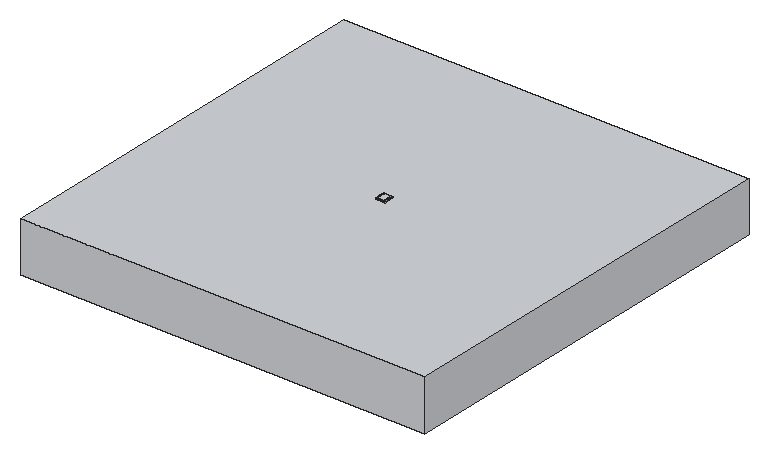
Revit family "Gira_511300", category Allgemeines Modell, Revit 2017
Family settings
  Basisbauteil = Fläche
  Kann Basisbauteil für Bewehrung sein = Nein
  Bemaßung runder Anschluss = Durchmesser verwenden
  Teiletyp = Normal
  Beim Laden mit Abzugskörper schneiden = Nein
  Gemeinsam genutzt = Nein
  Raumberechnungspunkt = Nein
Parameters
  With room temperature controller = no
  With label area = no
  With display = no
  With anti-theft/dismantling protection = yes
  With LED indication = yes
  With IR sensor = no
  Default Elevation = 1219.2 mm
  URL = "https://www.gira.de/"
  Typname = "KNX PB sens.3 Basis 3-g System 55, Gira E22"
  Transparent = no
  Surface protection = "Other"
  Surface finishing = "Not applicable"
  Productwebsite = "http://katalog.gira.de/en/datenblatt.html?artikelnr=511300"
  Other bus systems = "None"
  Number of buttons = 3
  Number of actuation points = 6
  Mounting method = "Flush mounted (plaster)"
  Material quality = "Other"
  Material = "Other"
  Hersteller = "Gira"
  HAN = "511300"
  GTIN = "4010337086826"
  Degree of protection (IP) = "IP20"
  Data sheet = "https://katalog.gira.de/en/download.html?artikelnr=511300"
  Colour = "Other"
  Bus system radio frequent = no
  Bus system Powernet = no
  Bus system LON = no
  Bus system KNX radio = no
  Bus system KNX = yes
  Bus connection included = no
  Beschreibung = "KNX PB sens.3 Basic 3g Sys55,KNX pushbutton sensor 3 Basis, 3-gang,System 55, Gira E22,Start-up rocker,Features:,- Mounting on bus coupler 3.,- Disassembly safeguard by screw connection.,- Rocker function: Switching, dimming, blind, value transmitter 1-byte, and scene auxiliary unit.,- White operating LED.,- Two red status LEDs per operating surface.,- Inscription space illumination for rocker sets with inscription space.,- Function of inscription space illumination and status LED can be configured.,,Notes :,- Professional labelling with the Gira Inscription Service www.marking.gira.com.,- The pushbutton sensor is supplied with a program-neutral start-up rocker. The suitable rocker set for the design line must be ordered separately."
  BIM = "https://media.stage.bim.site/public/gira/ad86d9f/SYS55_Tastsensor.rfa"
Reference planes
  plane 1 "Center (Front/Back)": y = 0
  plane 2: z = 0
  plane 3 "Center (Left/Right)": x = 0
Forms (mm)
  Extrusion 1, solid
    sketch origin (0, 0, 0) x (1, 0, 0) y (0, 1, 0)
      loop
        line (-1219.2, 1219.2) -> (-1219.2, -1219.2) -> (1219.2, -1219.2) -> (1219.2, 1219.2) -> (-1219.2, 1219.2)
    from 0 to -304.8
  Extrusion 2, solid, detail levels fine
    sketch origin (0, 0, 0) x (1, 0, 0) y (0, 1, 0)
      loop
        line (-6.6, -21.3) -> (-6.6, -16) -> (6.6, -16) -> (6.6, -21.3) -> (7.4, -21.3) -> (7.4, -15.2) -> (-7.4, -15.2) -> (-7.4, -21.3) -> (-6.6, -21.3)
    from -9.5 to -1.5
  Extrusion 3, solid, detail levels fine
    sketch origin (0, 0, 0) x (1, 0, 0) y (0, 1, 0)
      loop
        circle (-5.08, -17.5) r 0.5
      loop
        circle (-2.54, -17.48) r 0.5
      loop
        circle (0, -17.5) r 0.5
      loop
        circle (2.54, -17.48) r 0.5
      loop
        circle (5.08, -17.5) r 0.5
      loop
        circle (5.08, -20.04) r 0.5
      loop
        circle (2.54, -20.02) r 0.5
      loop
        circle (0, -20.04) r 0.5
      loop
        circle (-2.54, -20.02) r 0.5
      loop
        circle (-5.08, -20.04) r 0.5
    from -8.48 to -1.5
  Extrusion 4, solid, detail levels fine
    sketch origin (0, 0, 0) x (1, 0, 0) y (0, 1, 0)
      loop
        arc (-23.95, -19.15) -> (-22.544, -22.544) -> (-19.15, -23.95) r 4.8
        line (-19.15, -23.95) -> (19.15, -23.95)
        arc (19.15, -23.95) -> (22.544, -22.544) -> (23.95, -19.15) r 4.8
        line (23.95, -19.15) -> (23.95, 19.15)
        arc (23.95, 19.15) -> (22.544, 22.544) -> (19.15, 23.95) r 4.8
        line (19.15, 23.95) -> (-19.15, 23.95)
        arc (-19.15, 23.95) -> (-22.544, 22.544) -> (-23.95, 19.15) r 4.8
        line (-23.95, 19.15) -> (-23.95, -19.15)
    from -1.5 to 0.5
  Extrusion 5, solid, detail levels fine
    sketch origin (0, 0, 0) x (1, 0, 0) y (0, 1, 0)
      loop
        line (27.6, -27.7) -> (27.6, -26.6) -> (26.1, -26.6) -> (26.1, -10.4) -> (27.45, -10.4) -> (27.45, -8.1) -> (26.1, -8.1) -> (26.1, 8.1) -> (27.45, 8.1) -> (27.45, 10.4) -> (26.1, 10.4) -> (26.1, 26.6) -> (27.6, 26.6) -> (27.6, 27.7) -> (-27.6, 27.7) -> (-27.6, 26.6) -> (-26.1, 26.6) -> (-26.1, 10.4) -> (-27.45, 10.4) -> (-27.45, 8.1) -> (-26.1, 8.1) -> (-26.1, -8.1) -> (-27.45, -8.1) -> (-27.45, -10.4) -> (-26.1, -10.4) -> (-26.1, -26.6) -> (-27.6, -26.6) -> (-27.6, -27.7) -> (27.6, -27.7)
    from 0 to 5.44
  Extrusion 6, solid, detail levels fine
    sketch origin (0, 0, 0) x (0, 1, 0) y (0, 0, 1)
      loop
        arc (15.5, 5.92) -> (15.146, 5.774) -> (15, 5.42) r 0.5
        line (15, 5.42) -> (15, 3.62)
        arc (15, 3.62) -> (15.146, 3.267) -> (15.5, 3.12) r 0.5
        line (15.5, 3.12) -> (21.5, 3.12)
        arc (21.5, 3.12) -> (21.854, 3.267) -> (22, 3.62) r 0.5
        line (22, 3.62) -> (22, 5.42)
        arc (22, 5.42) -> (21.854, 5.774) -> (21.5, 5.92) r 0.5
        line (21.5, 5.92) -> (15.5, 5.92)
      loop
        line (11.4, 1.3) -> (25.6, 1.3)
        arc (25.6, 1.3) -> (25.954, 1.446) -> (26.1, 1.8) r 0.5
        line (26.1, 1.8) -> (26.1, 5.7) -> (27.65, 5.7) -> (27.635, 7.4) -> (-27.635, 7.4) -> (-27.65, 5.7) -> (-26.1, 5.7) -> (-26.1, 1.8)
        arc (-26.1, 1.8) -> (-25.954, 1.446) -> (-25.6, 1.3) r 0.5
        line (-25.6, 1.3) -> (-11.4, 1.3)
        arc (-11.4, 1.3) -> (-11.046, 1.446) -> (-10.9, 1.8) r 0.5
        line (-10.9, 1.8) -> (-10.9, 5.7) -> (-8.05, 5.7) -> (-8.05, 1.8)
        arc (-8.05, 1.8) -> (-7.904, 1.446) -> (-7.55, 1.3) r 0.5
        line (-7.55, 1.3) -> (7.55, 1.3)
        arc (7.55, 1.3) -> (7.904, 1.446) -> (8.05, 1.8) r 0.5
        line (8.05, 1.8) -> (8.05, 5.7) -> (10.9, 5.7) -> (10.9, 1.8)
        arc (10.9, 1.8) -> (11.046, 1.446) -> (11.4, 1.3) r 0.5
      loop
        line (3, 5.92) -> (-3, 5.92)
        arc (-3, 5.92) -> (-3.354, 5.774) -> (-3.5, 5.42) r 0.5
        line (-3.5, 5.42) -> (-3.5, 3.62)
        arc (-3.5, 3.62) -> (-3.354, 3.267) -> (-3, 3.12) r 0.5
        line (-3, 3.12) -> (3, 3.12)
        arc (3, 3.12) -> (3.354, 3.267) -> (3.5, 3.62) r 0.5
        line (3.5, 3.62) -> (3.5, 5.42)
        arc (3.5, 5.42) -> (3.354, 5.774) -> (3, 5.92) r 0.5
      loop
        arc (-15.5, 3.12) -> (-15.146, 3.267) -> (-15, 3.62) r 0.5
        line (-15, 3.62) -> (-15, 5.42)
        arc (-15, 5.42) -> (-15.146, 5.774) -> (-15.5, 5.92) r 0.5
        line (-15.5, 5.92) -> (-21.5, 5.92)
        arc (-21.5, 5.92) -> (-21.854, 5.774) -> (-22, 5.42) r 0.5
        line (-22, 5.42) -> (-22, 3.62)
        arc (-22, 3.62) -> (-21.854, 3.267) -> (-21.5, 3.12) r 0.5
        line (-21.5, 3.12) -> (-15.5, 3.12)
    from -27.45 to -25
  Extrusion 7, solid, detail levels fine
    sketch origin (0, 0, 0) x (0, 1, 0) y (0, 0, -1)
      loop
        line (15.5, -5.92) -> (21.5, -5.92)
        arc (21.5, -5.92) -> (21.854, -5.774) -> (22, -5.42) r 0.5
        line (22, -5.42) -> (22, -3.62)
        arc (22, -3.62) -> (21.854, -3.267) -> (21.5, -3.12) r 0.5
        line (21.5, -3.12) -> (15.5, -3.12)
        arc (15.5, -3.12) -> (15.146, -3.267) -> (15, -3.62) r 0.5
        line (15, -3.62) -> (15, -5.42)
        arc (15, -5.42) -> (15.146, -5.774) -> (15.5, -5.92) r 0.5
      loop
        arc (11.4, -1.3) -> (11.046, -1.446) -> (10.9, -1.8) r 0.5
        line (10.9, -1.8) -> (10.9, -5.7) -> (8.05, -5.7) -> (8.05, -1.8)
        arc (8.05, -1.8) -> (7.904, -1.446) -> (7.55, -1.3) r 0.5
        line (7.55, -1.3) -> (-7.55, -1.3)
        arc (-7.55, -1.3) -> (-7.904, -1.446) -> (-8.05, -1.8) r 0.5
        line (-8.05, -1.8) -> (-8.05, -5.7) -> (-10.9, -5.7) -> (-10.9, -1.8)
        arc (-10.9, -1.8) -> (-11.046, -1.446) -> (-11.4, -1.3) r 0.5
        line (-11.4, -1.3) -> (-25.6, -1.3)
        arc (-25.6, -1.3) -> (-25.954, -1.446) -> (-26.1, -1.8) r 0.5
        line (-26.1, -1.8) -> (-26.1, -5.7) -> (-27.65, -5.7) -> (-27.635, -7.4) -> (27.635, -7.4) -> (27.65, -5.7) -> (26.1, -5.7) -> (26.1, -1.8)
        arc (26.1, -1.8) -> (25.954, -1.446) -> (25.6, -1.3) r 0.5
        line (25.6, -1.3) -> (11.4, -1.3)
      loop
        arc (3, -5.92) -> (3.354, -5.774) -> (3.5, -5.42) r 0.5
        line (3.5, -5.42) -> (3.5, -3.62)
        arc (3.5, -3.62) -> (3.354, -3.267) -> (3, -3.12) r 0.5
        line (3, -3.12) -> (-3, -3.12)
        arc (-3, -3.12) -> (-3.354, -3.267) -> (-3.5, -3.62) r 0.5
        line (-3.5, -3.62) -> (-3.5, -5.42)
        arc (-3.5, -5.42) -> (-3.354, -5.774) -> (-3, -5.92) r 0.5
        line (-3, -5.92) -> (3, -5.92)
      loop
        line (-15.5, -3.12) -> (-21.5, -3.12)
        arc (-21.5, -3.12) -> (-21.854, -3.267) -> (-22, -3.62) r 0.5
        line (-22, -3.62) -> (-22, -5.42)
        arc (-22, -5.42) -> (-21.854, -5.774) -> (-21.5, -5.92) r 0.5
        line (-21.5, -5.92) -> (-15.5, -5.92)
        arc (-15.5, -5.92) -> (-15.146, -5.774) -> (-15, -5.42) r 0.5
        line (-15, -5.42) -> (-15, -3.62)
        arc (-15, -3.62) -> (-15.146, -3.267) -> (-15.5, -3.12) r 0.5
    from -27.45 to -25
  Extrusion 8, solid, detail levels fine
    sketch origin (-82.195, -64.588, 0) x (1, 0, 0) y (0, 1, 0)
      loop
        line (54.545, 36.952) -> (109.845, 36.952) -> (109.845, 92.223) -> (54.545, 92.223) -> (54.545, 36.952)
    from 6.703 to 8.9
  Extrusion 9, solid, detail levels fine
    sketch origin (0, 0, 0) x (1, 0, 0) y (0, 1, 0)
      loop
        line (-19.2, 27) -> (-19.2, -27) -> (19.2, -27) -> (19.2, 27) -> (-19.2, 27)
    from 5.44 to 8
  Extrusion 10, solid, detail levels fine
    sketch origin (0, 0, 0) x (1, 0, 0) y (0, 1, 0)
      loop
        circle (-23.85, 0) r 1.269
      loop
        circle (23.85, 0) r 1.269
    from 6.703 to 9.6
  Extrusion 11, solid, detail levels medium
    sketch origin (0, 0, 0) x (1, 0, 0) y (0, 1, 0)
      loop
        line (27.65, 27.7) -> (-27.65, 27.7) -> (-27.65, -27.7) -> (27.65, -27.7) -> (27.65, 27.7)
    from 0 to 9.6
  Extrusion 12, solid, detail levels medium
    sketch origin (0, 0, 0) x (1, 0, 0) y (0, 1, 0)
      loop
        line (-23.95, -23.95) -> (23.95, -23.95) -> (23.95, 23.95) -> (-23.95, 23.95) -> (-23.95, -23.95)
    from -1.5 to 0.5
  Extrusion 13, solid, detail levels medium
    sketch origin (0, 0, 0) x (1, 0, 0) y (0, 1, 0)
      loop
        line (-7.4, -21.3) -> (7.4, -21.3) -> (7.4, -15.2) -> (-7.4, -15.2) -> (-7.4, -21.3)
    from -9.5 to -1.5
  Extrusion 14, solid, detail levels coarse
    sketch origin (0, 0, 0) x (1, 0, 0) y (0, 1, 0)
      loop
        line (27.65, 27.7) -> (-27.65, 27.7) -> (-27.65, -27.7) -> (27.65, -27.7) -> (27.65, 27.7)
    from -9.5 to 9.6
Dimensions and locks
  aligned and locked: plane 2 to Extrusion 1
  aligned and locked: level to Extrusion 1
Connectors
  electrical at (0, 0, -9.5)
    settings: on Extrusion 14, index 1, voltage 220 V, apparent load 0 VA, apparent load phase1 0 VA, apparent load phase2 0 VA, apparent load phase3 0 VA, power factor 1, load classification "Other", number of poles 1, system type 30, power factor state 1, is connector primary yes, connector utility no, sub classification motor no, connector description ""
